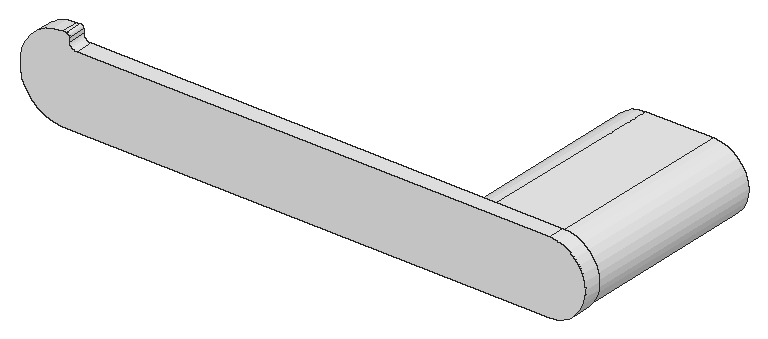
Revit family "rba-bim-rba1631-112", category Plumbing Fixtures, Revit 2016
Family settings
  Part Type = Normal
  Round Connector Dimension = Use Diameter
  Work Plane-Based = No
  Always vertical = Yes
  Cut with Voids When Loaded = No
  Shared = Yes
  Room Calculation Point = No
Parameters (values of type "RBA1631-112")
  Watermarked By = "www.rba.com.au"
  Waste Connection = yes
  Vent Connection = yes
  URL = ""
  Phone Number = "1300 788 778"
  Modified Issue = "20190220.01"
  Model = "RBA1631-112"
  Materials and Finishes = Heavy Duty Brass in a Bright Chrome Finish
  Manufacturer Model = ""
  Manufacturer = "RBA Group"  # constant formula
  HW Connection = yes
  Description = "ōken Toilet Roll Holder #2"
  Copyright by = "RBA Group"  # constant formula
  CW Connection = yes
Reference planes
  plane 1 "Center (Front/Back)": y = 0
  plane 2: z = 0
  plane 3 "Center (Left/Right)": x = 0
  plane 4: x = 20.5
  plane 5: x = -144.5
Forms (mm)
  Extrusion 1, solid, material "Heavy Duty Brass in a Bright Chrome Finish" <- "Materials and Finishes"
    sketch origin (-62, 0, 0) x (1, 0, 0) y (0, 0, 1)
      loop
        line (72, 21) -> (-66, 21)
        arc (-66, 21) -> (-67.414, 21.586) -> (-68, 23) r 2
        line (-68, 23) -> (-68, 24)
        arc (-68, 24) -> (-68.293, 24.707) -> (-69, 25) r 1
        line (-69, 25) -> (-70, 25)
        arc (-70, 25) -> (-82.5, 12.5) -> (-70, 0) r 12.5
        line (-70, 0) -> (72, 0)
        arc (72, 0) -> (82.5, 10.5) -> (72, 21) r 10.5
    from 55 to 60
  Extrusion 2, solid, material "Heavy Duty Brass in a Bright Chrome Finish" <- "Materials and Finishes"
    sketch origin (-62, 0, 0) x (1, 0, 0) y (0, 0, 1)
      loop
        arc (52, 20.5) -> (42, 10.5) -> (52, 0.5) r 10
        line (52, 0.5) -> (72, 0.5)
        arc (72, 0.5) -> (82, 10.5) -> (72, 20.5) r 10
        line (72, 20.5) -> (52, 20.5)
    from 0 to 55
Dimensions and locks
  aligned and locked: plane 2 to level
